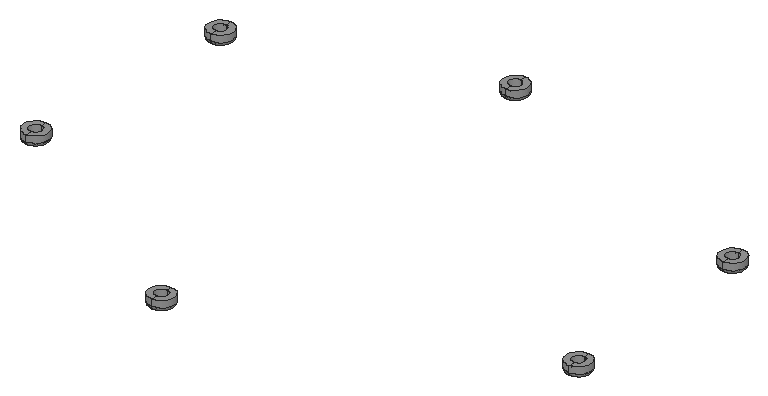
Revit family "4834_Colours", category Furniture, Revit 2013
Parameters
  Width = 5' - 1 1/2"
  URL = "http://www.bernhardtdesign.com/"
  Model = "4834 Colours"
  Manufacturer = "Bernhardt"
  Length = 3' - 9 7/8"
  Height = 1' - 4 1/2"
  Description = "Seating"
  Casters = Caster-Bernhardt-Black
  Bernhardt Fabric = Fabric_Bernhardt-White
Reference planes (in)
  plane 1 "Center (Front/Back)": y = 0
  plane 2 "Center (Left/Right)": x = 0
  plane 3 "top": z = 16.33823
  plane 4: y = -23.17728
  plane 5: y = 22.76135
Lines and regions (in)
  Non planar sketch 1
    outline origin (27.76574, 13.46826, 14.71047) x (1, 0, 0) y (0, 1, 0)
      loop
        spline (-0.82161, 0.98868) -> (-18.40973, 7.81378) -> (-32.98254, 8.36678) -> (-46.10517, 5.83639) -> (-52.89969, -2.16147) -> (-55.24649, -14.92745) -> (-49.49943, -25.31388) -> (-37.72174, -32.64828) -> (-26.29391, -35.53228) -> (-13.10029, -32.60668) -> (-0.79406, -26.74618) -> (3.6798, -17.36178) -> (0.82161, -0.98868)
  Non planar sketch 2
    outline origin (24.16674, 10.17038, 16.21047) x (1, 0, 0) y (0, 1, 0)
      loop
        spline (-0.09048, 0.19079) -> (-15.5183, 6.16198) -> (-29.12269, 6.67146) -> (-40.33162, 4.63189) -> (-44.69563, -0.81128) -> (-46.6825, -11.04053) -> (-42.36247, -18.4829) -> (-32.14544, -24.75798) -> (-22.70002, -27.2344) -> (-11.17453, -24.59708) -> (-0.42874, -19.63473) -> (2.31332, -13.47746) -> (0.09048, -0.19079)
  Non planar sketch 3
    outline origin (28.30559, 13.96294, 10.71047) x (1, 0, 0) y (0, 1, 0)
      loop
        spline (-0.93127, 1.10836) -> (-18.84345, 8.06155) -> (-33.56149, 8.62108) -> (-46.9712, 6.01706) -> (-54.1303, -2.36399) -> (-56.53112, -15.51043) -> (-50.56988, -26.33864) -> (-38.55819, -33.83182) -> (-26.83301, -36.77696) -> (-13.38914, -33.80811) -> (-0.84889, -27.81293) -> (3.88478, -17.94438) -> (0.93127, -1.10836)
  Non planar sketch 4
    outline origin (28.30559, 13.96294, 7.5) x (1, 0, 0) y (0, 1, 0)
      loop
        spline (-0.93127, 1.10836) -> (-18.84345, 8.06155) -> (-33.56149, 8.62108) -> (-46.9712, 6.01706) -> (-54.1303, -2.36399) -> (-56.53112, -15.51043) -> (-50.56988, -26.33864) -> (-38.55819, -33.83182) -> (-26.83301, -36.77696) -> (-13.38914, -33.80811) -> (-0.84889, -27.81293) -> (3.88478, -17.94438) -> (0.93127, -1.10836)
  Non planar sketch 5
    outline origin (28.30559, 13.96294, 4) x (1, 0, 0) y (0, 1, 0)
      loop
        spline (-0.93127, 1.10836) -> (-18.84345, 8.06155) -> (-33.56149, 8.62108) -> (-46.9712, 6.01706) -> (-54.1303, -2.36399) -> (-56.53112, -15.51043) -> (-50.56988, -26.33864) -> (-38.55819, -33.83182) -> (-26.83301, -36.77696) -> (-13.38914, -33.80811) -> (-0.84889, -27.81293) -> (3.88478, -17.94438) -> (0.93127, -1.10836)
  Non planar sketch 6
    outline origin (27.22589, 12.97358, 1.79832) x (1, 0, 0) y (0, 1, 0)
      loop
        spline (-0.71194, 0.86899) -> (-17.97602, 7.56601) -> (-32.40358, 8.11248) -> (-45.23915, 5.65571) -> (-51.66908, -1.95894) -> (-53.96185, -14.34446) -> (-48.429, -24.28913) -> (-36.8853, -31.46473) -> (-25.7548, -34.2876) -> (-12.81145, -31.40524) -> (-0.73924, -25.67944) -> (3.47482, -16.77917) -> (0.71194, -0.86899)
  Non planar sketch 7
    outline origin (26.50609, 12.314, 0.54832) x (1, 0, 0) y (0, 1, 0)
      loop
        spline (-0.56571, 0.70942) -> (-17.39773, 7.23565) -> (-31.63164, 7.77342) -> (-44.08444, 5.41481) -> (-50.02827, -1.6889) -> (-52.24901, -13.56715) -> (-47.00175, -22.9228) -> (-35.77004, -29.88667) -> (-25.03599, -32.62802) -> (-12.42632, -29.80333) -> (-0.66627, -24.25724) -> (3.20154, -16.00217) -> (0.56571, -0.70942)
  Non planar sketch 8
    outline origin (-13, 2, 16.33823) x (0, -1, 0) y (1, 0, 0)
      loop
        spline (0, 0) -> (2.32937, 0.44296) -> (4.5, 1.74167) -> (6.36396, 3.80761) -> (7.79423, 6.5) -> (8.69333, 9.63535) -> (9, 13) -> (8.69333, 16.36465) -> (7.79423, 19.5) -> (6.36396, 22.19239) -> (4.5, 24.25833) -> (2.32937, 25.55704) -> (0, 26)
        spline (0, 26) -> (-2.32937, 25.55704) -> (-4.5, 24.25833) -> (-6.36396, 22.19239) -> (-7.79423, 19.5) -> (-8.69333, 16.36465) -> (-9, 13) -> (-8.69333, 9.63535) -> (-7.79423, 6.5) -> (-6.36396, 3.80761) -> (-4.5, 1.74167) -> (-2.32937, 0.44296) -> (0, 0)
  Non planar sketch 9
    outline origin (2.4826, -0.12702, 16.21047) x (1, 0, 0) y (0, 1, 0)
      loop
        line (24.20121, -0.53391) -> (24.17974, 2.43734) -> (23.49157, 6.38684) -> (22.18868, 9.36825) -> (21.77462, 10.1066) -> (21.59365, 10.48819) -> (18.98079, 12.19943) -> (14.94317, 14.26982) -> (9.6248, 15.8348) -> (5.52153, 16.54711) -> (2.47835, 16.85334) -> (-2.21408, 17.06127) -> (-6.63095, 17.0065) -> (-10.13798, 16.77426) -> (-13.52774, 16.34677) -> (-17.11615, 15.52557) -> (-20.15096, 13.94859) -> (-21.8982, 11.7218) -> (-22.98668, 9.54457) -> (-24.0389, 6.54444) -> (-24.58141, 4.30005) -> (-24.97008, 1.7534) -> (-25.01747, -0.56059) -> (-24.50035, -2.57025) -> (-23.04432, -5.25342) -> (-21.03523, -7.81672) -> (-19.42373, -9.31848) -> (-17.81787, -10.51676) -> (-15.55488, -11.92491) -> (-11.72396, -13.89549) -> (-9.49809, -14.86263) -> (-5.33957, -16.29652) -> (-2.6209, -16.84621) -> (1.26345, -16.78009) -> (3.40411, -16.40791) -> (5.65943, -15.85127) -> (8.28934, -15.05675) -> (10.65644, -14.24741) -> (14.73272, -12.6966) -> (17.68145, -11.40389) -> (20.10296, -10.13851) -> (21.93852, -8.60524) -> (23.24341, -6.6239) -> (23.7805, -4.6348) -> (24.09906, -2.17669) -> (24.20121, -0.53391)
  sketch lines
    curve 1: spline (26.94414, 14.45694, 14.71047) -> (9.35601, 21.28204, 14.71047) -> (-5.2168, 21.83504, 14.71047) -> (-18.33943, 19.30465, 14.71047) -> (-25.13395, 11.3068, 14.71047) -> (-27.48075, -1.45919, 14.71047) -> (-21.73369, -11.84562, 14.71047) -> (-9.956, -19.18002, 14.71047) -> (1.47184, -22.06402, 14.71047) -> (14.66545, -19.13842, 14.71047) -> (26.97168, -13.27792, 14.71047) -> (31.44554, -3.89352, 14.71047) -> (28.58735, 12.47959, 14.71047)
    curve 2: spline (27.37432, 15.0713, 10.71047) -> (9.46215, 22.02449, 10.71047) -> (-5.2559, 22.58402, 10.71047) -> (-18.66561, 19.98001, 10.71047) -> (-25.82471, 11.59895, 10.71047) -> (-28.22553, -1.54749, 10.71047) -> (-22.26428, -12.3757, 10.71047) -> (-10.2526, -19.86888, 10.71047) -> (1.47258, -22.81402, 10.71047) -> (14.91645, -19.84517, 10.71047) -> (27.4567, -13.84999, 10.71047) -> (32.19037, -3.98144, 10.71047) -> (29.23687, 12.85459, 10.71047)
    curve 3: spline (27.37432, 15.0713, 7.5) -> (9.46215, 22.02449, 7.5) -> (-5.2559, 22.58402, 7.5) -> (-18.66561, 19.98001, 7.5) -> (-25.82471, 11.59895, 7.5) -> (-28.22553, -1.54749, 7.5) -> (-22.26428, -12.3757, 7.5) -> (-10.2526, -19.86888, 7.5) -> (1.47258, -22.81402, 7.5) -> (14.91645, -19.84517, 7.5) -> (27.4567, -13.84999, 7.5) -> (32.19037, -3.98144, 7.5) -> (29.23687, 12.85459, 7.5)
    curve 4: spline (27.37432, 15.0713, 4) -> (9.46215, 22.02449, 4) -> (-5.2559, 22.58402, 4) -> (-18.66561, 19.98001, 4) -> (-25.82471, 11.59895, 4) -> (-28.22553, -1.54749, 4) -> (-22.26428, -12.3757, 4) -> (-10.2526, -19.86888, 4) -> (1.47258, -22.81402, 4) -> (14.91645, -19.84517, 4) -> (27.4567, -13.84999, 4) -> (32.19037, -3.98144, 4) -> (29.23687, 12.85459, 4)
    curve 5: spline (26.51395, 13.84257, 1.79832) -> (9.24987, 20.53959, 1.79832) -> (-5.17769, 21.08606, 1.79832) -> (-18.01325, 18.62929, 1.79832) -> (-24.44319, 11.01464, 1.79832) -> (-26.73596, -1.37088, 1.79832) -> (-21.20311, -11.31555, 1.79832) -> (-9.65941, -18.49115, 1.79832) -> (1.47109, -21.31402, 1.79832) -> (14.41444, -18.43167, 1.79832) -> (26.48665, -12.70587, 1.79832) -> (30.70071, -3.80559, 1.79832) -> (27.93783, 12.10459, 1.79832)
    curve 6: line (28.58735, 12.47959, 14.71047) -> (24.25722, 9.97959, 16.21047)
    curve 7: line (24.07625, 10.36118, 16.21047) -> (26.94414, 14.45694, 14.71047)
    curve 18: line (28.58735, 12.47959, 14.71047) -> (29.23687, 12.85459, 10.71047)
    curve 19: line (29.23687, 12.85459, 10.71047) -> (29.23687, 12.85459, 7.5)
    curve 20: line (29.23687, 12.85459, 7.5) -> (29.23687, 12.85459, 4)
    curve 21: line (29.23687, 12.85459, 4) -> (27.93783, 12.10459, 1.79832)
    curve 22: line (27.93783, 12.10459, 1.79832) -> (27.0718, 11.60459, 0.54832)
    curve 23: line (25.94038, 13.02342, 0.54832) -> (26.51395, 13.84257, 1.79832)
    curve 24: line (26.51395, 13.84257, 1.79832) -> (27.37432, 15.0713, 4)
    curve 25: line (27.37432, 15.0713, 4) -> (27.37432, 15.0713, 7.5)
    curve 26: line (27.37432, 15.0713, 7.5) -> (27.37432, 15.0713, 10.71047)
    curve 27: line (27.37432, 15.0713, 10.71047) -> (26.94414, 14.45694, 14.71047)
  reference lines
    curve 8: line (25.94038, 13.02342, 0.54832) -> (26.51395, 13.84257, 1.79832)
    curve 9: line (26.51395, 13.84257, 1.79832) -> (27.37432, 15.0713, 4)
    curve 10: line (27.37432, 15.0713, 4) -> (27.37432, 15.0713, 7.5)
    curve 11: line (27.37432, 15.0713, 7.5) -> (27.37432, 15.0713, 10.71047)
    curve 12: line (27.37432, 15.0713, 10.71047) -> (26.94414, 14.45694, 14.71047)
    curve 13: line (28.58735, 12.47959, 14.71047) -> (29.23687, 12.85459, 10.71047)
    curve 14: line (29.23687, 12.85459, 10.71047) -> (29.23687, 12.85459, 7.5)
    curve 15: line (29.23687, 12.85459, 7.5) -> (29.23687, 12.85459, 4)
    curve 16: line (29.23687, 12.85459, 4) -> (27.93783, 12.10459, 1.79832)
    curve 17: line (27.93783, 12.10459, 1.79832) -> (27.0718, 11.60459, 0.54832)
  model lines
    curve 28: arc (24.25722, 9.97959, 16.21047) -> (24.16957, 10.17172, 16.21047) -> (24.07625, 10.36118, 16.21047) r 7.1112
Dimensions and locks (in)
  nested 1 to plane 2 "Center (Left/Right)" = 1' - 6 1/4"
  nested 1 to plane 5 = 0' - 10 1/4"
  nested 2 to plane 2 "Center (Left/Right)" = 1' - 7.20756"
  nested 2 to plane 5 = 2' - 3.01135"
  nested 3 to plane 2 "Center (Left/Right)" = 0' - 0 1/2"
  nested 4 to plane 5 = 0' - 4.40596"
  nested 5 to plane 2 "Center (Left/Right)" = 1' - 11.67925"
  nested 5 to plane 5 = 1' - 0.8785"
  nested 6 to plane 2 "Center (Left/Right)" = 2' - 0.40188"
  nested 6 to plane 5 = 2' - 4.75928"
Automatic sketch dimensions
  Non planar sketch 1 sketch curve to reference point = 0' - 0.82161"
  reference point to Non planar sketch 1 sketch curve = 0' - 0.82161"
  Non planar sketch 1 sketch curve to reference point = 0' - 0.98868"
  reference point to Non planar sketch 1 sketch curve = 0' - 0.98868"
  Non planar sketch 2 sketch curve to reference point = 0' - 0.09048"
  reference point to Non planar sketch 2 sketch curve = 0' - 0.09048"
  Non planar sketch 2 sketch curve to reference point = 0' - 0.19079"
  reference point to Non planar sketch 2 sketch curve = 0' - 0.19079"
  Non planar sketch 3 sketch curve to reference point = 0' - 0.93127"
  reference point to Non planar sketch 3 sketch curve = 0' - 0.93127"
  Non planar sketch 3 sketch curve to reference point = 0' - 1.10836"
  reference point to Non planar sketch 3 sketch curve = 0' - 1.10836"
  Non planar sketch 4 sketch curve to reference point = 0' - 0.93127"
  reference point to Non planar sketch 4 sketch curve = 0' - 0.93127"
  Non planar sketch 4 sketch curve to reference point = 0' - 1.10836"
  reference point to Non planar sketch 4 sketch curve = 0' - 1.10836"
  Non planar sketch 5 sketch curve to reference point = 0' - 0.93127"
  reference point to Non planar sketch 5 sketch curve = 0' - 0.93127"
  Non planar sketch 5 sketch curve to reference point = 0' - 1.10836"
  reference point to Non planar sketch 5 sketch curve = 0' - 1.10836"
  Non planar sketch 6 sketch curve to reference point = 0' - 0.71194"
  reference point to Non planar sketch 6 sketch curve = 0' - 0.71194"
  Non planar sketch 6 sketch curve to reference point = 0' - 0.86899"
  reference point to Non planar sketch 6 sketch curve = 0' - 0.86899"
  Non planar sketch 7 sketch curve to reference point = 0' - 0.56571"
  reference point to Non planar sketch 7 sketch curve = 0' - 0.56571"
  Non planar sketch 7 sketch curve to reference point = 0' - 0.70942"
  reference point to Non planar sketch 7 sketch curve = 0' - 0.70942"
  reference point to Non planar sketch 8 sketch curve = 0' - 0"
  Non planar sketch 8 sketch curve to reference point = 0' - 0"
  reference point to Non planar sketch 8 sketch curve = 1' - 1"
  curve 28 to reference point = 0' - 3.04582"
  curve 28 to reference point = 0' - 6.42242"
  curve 28 to reference point = 0' - 0.09048"
  reference point to curve 28 = 0' - 0.09048"
  curve 28 to reference point = 0' - 0.19079"
  reference point to reference point = 0' - 0.51712"
  reference point to reference point = 0' - 1.45603"
  reference point to reference point = 0' - 1.05222"
  reference point to reference point = 0' - 1.74724"
  reference point to reference point = 0' - 3.38976"
  reference point to reference point = 0' - 4.15852"
  reference point to reference point = 0' - 2.6209"
  reference point to reference point = 0' - 2.21408"
  reference point to reference point = 0' - 3.04318"
  reference point to reference point = 0' - 2.25533"
  reference point to reference point = 0' - 2.61287"
  reference point to reference point = 0' - 2.68317"
  reference point to reference point = 0' - 1.9891"
  reference point to reference point = 0' - 1.53327"
  reference point to reference point = 0' - 1.26538"
  reference point to reference point = 0' - 1.97058"
  reference point to reference point = 0' - 0.55664"
  reference point to reference point = 0' - 0.54969"
  reference point to reference point = 0' - 2.17724"
  Non planar sketch 9 sketch curve to reference point = 0' - 2.71867"
  Non planar sketch 9 sketch curve to Non planar sketch 9 sketch curve = 0' - 0"  (x71)
  reference point to Non planar sketch 9 sketch curve = 0' - 0"  (x59)
  Non planar sketch 9 sketch curve to reference point = 0' - 4.41687"
  Non planar sketch 9 sketch curve to reference point = 0' - 0"  (x28)
  Non planar sketch 9 sketch curve to Non planar sketch 9 sketch curve = 0' - 3.50703"
  Non planar sketch 9 sketch curve to Non planar sketch 9 sketch curve = 0' - 2.22587"
  Non planar sketch 9 sketch curve to reference point = 0' - 3.83093"
  Non planar sketch 9 sketch curve to Non planar sketch 9 sketch curve = 0' - 3.58841"
  Non planar sketch 9 sketch curve to Non planar sketch 9 sketch curve = 0' - 2.26299"
  reference point to Non planar sketch 9 sketch curve = 0' - 1.60586"
  Non planar sketch 9 sketch curve to reference point = 0' - 9.31848"  (x2)
  Non planar sketch 9 sketch curve to Non planar sketch 9 sketch curve = 0' - 3.03481"
  Non planar sketch 9 sketch curve to reference point = 0' - 7.81672"  (x2)
  Non planar sketch 9 sketch curve to Non planar sketch 9 sketch curve = 0' - 1.6115"
  reference point to Non planar sketch 9 sketch curve = 0' - 9.54457"  (x2)
  Non planar sketch 9 sketch curve to Non planar sketch 9 sketch curve = 0' - 1.08848"
  Non planar sketch 9 sketch curve to reference point = 0' - 5.25342"  (x2)
  Non planar sketch 9 sketch curve to Non planar sketch 9 sketch curve = 0' - 2.00909"
  reference point to Non planar sketch 9 sketch curve = 0' - 6.54444"  (x2)
  Non planar sketch 9 sketch curve to reference point = 0' - 2.57025"  (x2)
  reference point to Non planar sketch 9 sketch curve = 0' - 4.30005"  (x2)
  Non planar sketch 9 sketch curve to Non planar sketch 9 sketch curve = 0' - 0.54251"
  reference point to reference point = 0' - 0.04739"
  reference point to Non planar sketch 9 sketch curve = 0' - 1.7534"  (x2)
  Non planar sketch 9 sketch curve to reference point = 0' - 0.56059"  (x2)
  reference point to Non planar sketch 9 sketch curve = 0' - 1.26345"
  reference point to Non planar sketch 9 sketch curve = 0' - 2.47835"
  reference point to Non planar sketch 9 sketch curve = 0' - 2.14065"
  Non planar sketch 9 sketch curve to reference point = 0' - 2.6299"
  Non planar sketch 9 sketch curve to Non planar sketch 9 sketch curve = 0' - 4.10327"
  Non planar sketch 9 sketch curve to Non planar sketch 9 sketch curve = 0' - 2.36711"
  Non planar sketch 9 sketch curve to Non planar sketch 9 sketch curve = 0' - 4.07628"
  Non planar sketch 9 sketch curve to Non planar sketch 9 sketch curve = 0' - 5.31837"
  reference point to reference point = 0' - 2.94873"
  Non planar sketch 9 sketch curve to Non planar sketch 9 sketch curve = 0' - 4.03761"
  Non planar sketch 9 sketch curve to reference point = 0' - 2.42151"
  reference point to Non planar sketch 9 sketch curve = 0' - 10.48819"  (x2)
  reference point to Non planar sketch 9 sketch curve = 0' - 10.1066"  (x2)
  Non planar sketch 9 sketch curve to Non planar sketch 9 sketch curve = 0' - 0.18097"
  Non planar sketch 9 sketch curve to reference point = 0' - 8.60524"  (x2)
  Non planar sketch 9 sketch curve to Non planar sketch 9 sketch curve = 0' - 1.83557"
  Non planar sketch 9 sketch curve to reference point = 0' - 0 53/128"
  reference point to Non planar sketch 9 sketch curve = 0' - 9.36825"  (x2)
  Non planar sketch 9 sketch curve to reference point = 0' - 6.6239"  (x2)
  Non planar sketch 9 sketch curve to Non planar sketch 9 sketch curve = 0' - 1.30488"
  reference point to Non planar sketch 9 sketch curve = 0' - 6.38684"  (x2)
  Non planar sketch 9 sketch curve to Non planar sketch 9 sketch curve = 0' - 1.30289"
  Non planar sketch 9 sketch curve to reference point = 0' - 4.6348"  (x2)
  Non planar sketch 9 sketch curve to Non planar sketch 9 sketch curve = 0' - 0.53709"
  Non planar sketch 9 sketch curve to reference point = 0' - 0.31856"
  Non planar sketch 9 sketch curve to reference point = 0' - 2.17669"  (x2)
  reference point to Non planar sketch 9 sketch curve = 0' - 2.43734"  (x2)
  Non planar sketch 9 sketch curve to Non planar sketch 9 sketch curve = 0' - 0.68817"
  Non planar sketch 9 sketch curve to reference point = 0' - 0.53391"  (x2)
  Non planar sketch 9 sketch curve to Non planar sketch 9 sketch curve = 0' - 0.10215"
  reference point to Non planar sketch 9 sketch curve = 0' - 1.53327"
  Non planar sketch 9 sketch curve to Non planar sketch 9 sketch curve = 0' - 1.19827"
  Non planar sketch 9 sketch curve to Non planar sketch 9 sketch curve = 0' - 1.40815"
  reference point to Non planar sketch 9 sketch curve = 0' - 1.29271"
  Non planar sketch 9 sketch curve to Non planar sketch 9 sketch curve = 0' - 1.55082"
  reference point to Non planar sketch 9 sketch curve = 0' - 0.96714"
  Non planar sketch 9 sketch curve to Non planar sketch 9 sketch curve = 0' - 0.80933"
  reference point to Non planar sketch 9 sketch curve = 0' - 0.79452"
  Non planar sketch 9 sketch curve to Non planar sketch 9 sketch curve = 0' - 1.43389"
  Non planar sketch 9 sketch curve to Non planar sketch 9 sketch curve = 0' - 0.37218"
  Non planar sketch 9 sketch curve to Non planar sketch 9 sketch curve = 0' - 1.71123"
  Non planar sketch 9 sketch curve to Non planar sketch 9 sketch curve = 0' - 2.22679"
  Non planar sketch 9 sketch curve to Non planar sketch 9 sketch curve = 0' - 2.07039"
  reference point to Non planar sketch 9 sketch curve = 0' - 1.57698"
  Non planar sketch 9 sketch curve to Non planar sketch 9 sketch curve = 0' - 1.56498"
  Non planar sketch 9 sketch curve to Non planar sketch 9 sketch curve = 0' - 0.8212"
  Non planar sketch 9 sketch curve to reference point = 0' - 0.71231"
  Non planar sketch 9 sketch curve to Non planar sketch 9 sketch curve = 0' - 0.42749"
  Non planar sketch 9 sketch curve to Non planar sketch 9 sketch curve = 0' - 0.30623"
  Non planar sketch 9 sketch curve to Non planar sketch 9 sketch curve = 0' - 0.23224"
  Non planar sketch 9 sketch curve to Non planar sketch 9 sketch curve = 0' - 0.05476"
Nested families (in)
  nested 1: "Foot_Colours" at (-18.25, 12.51135, 0), type "Foot_Colours"
  nested 2: "Foot_Colours" at (-19.20756, -4.25, 0), type "Foot_Colours"
  nested 3: "Foot_Colours" at (-0.5, -15.4119, 0), type "Foot_Colours"
  nested 4: "Foot_Colours" at (0, 18.35539, 0), type "Foot_Colours"
  nested 5: "Foot_Colours" at (23.67925, 9.88286, 0), type "Foot_Colours"
  nested 6: "Foot_Colours" at (24.40188, -5.99793, 0), type "Foot_Colours"
Definition of nested family "Foot_Colours"
  Parameters (values of type "Foot_Colours")
    Casters = Caster-Bernhardt-Black
  Reference planes (in)
    plane 1 "Center Front/Back": y = 0
    plane 2: z = 0
    plane 3 "Center Left/Right": x = 0
  Forms (in)
    Revolve 1, solid, material "Caster-Bernhardt-Black"
      sketch origin (0, 0, 0) x (0, 1, 0) y (0, 0, 1)
        loop
          line (0.94469, 0.75) -> (0.47567, 0.75) -> (0.47567, 0) -> (0.69469, 0)
          arc (0.69469, 0) -> (0.87146, 0.07322) -> (0.94469, 0.25) r 0.25
          line (0.94469, 0.25) -> (0.94469, 0.75)
        axis (0, 0.75) -> (0, 0)
      angle from 0 to 360
  Dimensions and locks (in)
    aligned and locked: level to plane 2
    aligned and locked: plane 1 "Center Front/Back" to Revolve 1 sketch curve
